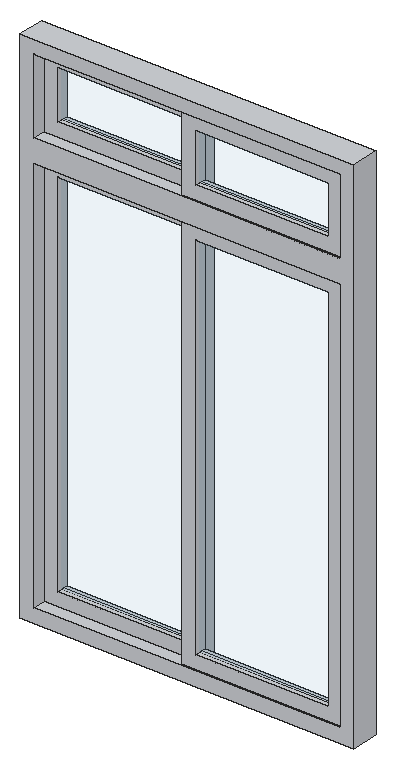
Revit family "DW3_DW3A_DW4_DW4A_落地鋁門窗1", category 窗, Revit 2014
Parameters (values of type "150 x 235 cm 2")
  熱阻 (R) = 0.271106 (m²·K)/W
  Visual Light Transmittance = 0.9
  Solar Heat Gain Coefficient = 0.78
  營造類型 Id = "GSP4R"
  Height = 2350 mm
  傳熱係數 (U) = 3.6886 W/(m²·K)
  預設窗台高度 = 0 mm
  關鍵註記 = "雙開窗-有氣窗"
  Rough Height = Height  # 2350 mm
  Rough Width = Width  # 1500 mm
  裝飾外框寬度 = 60 mm
  玻璃材質 = 玻璃
  牆封閉 = 依主體
  裝飾外框材料 = none
  裝飾外框厚度 = 120 mm
  Width = 1500 mm
  操作 = "垂直雙重面板"
  內部框架材料 = none
  內框寬度 = 60 mm
  內框厚度 = 50 mm
  中樘寬度 = 100 mm
  下窗高度 = 1790 mm
  解析營造 = "1/8 英吋 Pilkington 單層鑲嵌玻璃"
Types (4, lengths in mm): name | Height | 關鍵註記 | Rough Height | Rough Width | Width | 下窗高度
  150 x 235 cm 2 | 2350 | "雙開窗-有氣窗" | 2350 | 1500 | 1500 | 1790
  150 x 250 cm 2 | 2500 | "雙開落地門-有氣窗" | 2500 | 1500 | 1500 | 1940
  120 x 250 cm 2 | 2500 | "雙開窗-有氣窗" | 2500 | 1200 | 1200 | 1940
  120 x 235 cm 2 | 2350 | "雙開窗-有氣窗" | 2350 | 1200 | 1200 | 1790
Reference planes
  plane 1: y = -180
  plane 2 "中心 (左/右)": x = 0
  plane 3 "左": x = -750
  plane 4 "右": x = 750
  plane 5 "窗台": z = 0
  plane 6 "窗頂": z = 2350
  plane 7 "外部": y = -105
  plane 8 "內部": y = -255
  plane 9: x = -30
  plane 10: x = 30
  plane 11: y = -120
  plane 12: y = -240
  plane 13: x = -690
  plane 14: x = 690
  plane 15: z = 2290
  plane 16: z = 60
  plane 17: z = 1850
  plane 18: z = 1950
Forms (mm)
  Extrusion 1, solid, material <- "裝飾外框材料"
    sketch origin (0, -180, 0) x (1, 0, 0) y (0, 0, 1)
      loop
        line (-750, 2350) -> (-750, 0) -> (750, 0) -> (750, 2350) -> (-750, 2350)
      loop
        line (-690, 2290) -> (-690, 1950) -> (690, 1950) -> (690, 2290) -> (-690, 2290)
      loop
        line (-690, 60) -> (690, 60) -> (690, 1850) -> (-690, 1850) -> (-690, 60)
    from 60 to -60
Lines and regions (mm)
  Opening 1
    outline origin (3442.648, -255, 0) x (1, 0, 0) y (0, 0, 1)
      loop
        line (-2692.648, 0) -> (-2692.648, 2350) -> (-4192.648, 2350) -> (-4192.648, 0) -> (-2692.648, 0)
Text (mm)
  text "外部" at (-1963.203, 1332.353, 0), in view "參考樓層"
  text "內部" at (-1981.466, -818.386, 0), in view "參考樓層"
  text "外部" at (0, 923.751, 2943.296), in view "右"
  text "外部" at (0, 1040.484, 2685.409), in view "左"
Dimensions and locks
  equal spacing: plane 3 "左", plane 2 "中心 (左/右)", plane 4 "右"
  "Width": plane 3 "左" to plane 4 "右"
  "Height": plane 5 "窗台" to plane 6 "窗頂"
  "預設窗台高度": plane 5 "窗台" to level
  locked: plane 7 "外部" to host wall at 0
  locked: plane 8 "內部" to host wall
  equal spacing: plane 9, plane 2 "中心 (左/右)", plane 10
  "內框寬度": plane 9 to plane 10
  equal spacing: plane 11, plane 1, plane 12
  "裝飾外框厚度": plane 11 to plane 12
  "裝飾外框寬度": plane 6 "窗頂" to plane 15
  "裝飾外框寬度": plane 16 to plane 5 "窗台"
  "裝飾外框寬度": plane 3 "左" to plane 13
  "裝飾外框寬度": plane 14 to plane 4 "右"
  "中樘寬度": plane 17 to plane 18
  "下窗高度": plane 16 to plane 17
  aligned and locked: plane 1 to nested 1
  aligned and locked: plane 1 to nested 2
  aligned and locked: nested 1 to plane 10
  aligned and locked: nested 2 to plane 9
  aligned and locked: plane 1 to host wall
  aligned and locked: host wall to Extrusion 1 sketch curve
  aligned and locked: Extrusion 1 sketch curve to host wall  (x3)
  aligned and locked: Opening 1 sketch curve to plane 6 "窗頂"
  aligned and locked: Opening 1 sketch curve to plane 4 "右"
  aligned and locked: Opening 1 sketch curve to plane 5 "窗台"
  aligned and locked: Opening 1 sketch curve to plane 3 "左"
  aligned and locked: Extrusion 1 sketch curve to plane 15
  aligned and locked: plane 13 to Extrusion 1 sketch curve
  aligned and locked: Extrusion 1 sketch curve to plane 14
  aligned and locked: plane 16 to Extrusion 1 sketch curve
  aligned and locked: plane 16 to nested 2
  aligned and locked: nested 1 to plane 16
  aligned and locked: nested 1 to plane 13
  aligned and locked: plane 14 to nested 2
  aligned and locked: plane 11 to Extrusion 1
  aligned and locked: Extrusion 1 to plane 12
  aligned and locked: plane 17 to Extrusion 1 sketch curve
  aligned and locked: plane 18 to Extrusion 1 sketch curve
  aligned and locked: nested 1 to plane 17
  aligned and locked: plane 17 to nested 2
  aligned and locked: nested 3 to plane 15
  aligned and locked: plane 15 to nested 4
  aligned and locked: nested 3 to plane 18
  aligned and locked: plane 18 to nested 4
  aligned and locked: nested 3 to plane 13
  aligned and locked: plane 14 to nested 4
  aligned and locked: nested 3 to plane 10
  aligned and locked: plane 9 to nested 4
Automatic sketch dimensions
  Extrusion 1 sketch curve to plane 14 = 0 mm
  Extrusion 1 sketch curve to plane 13 = 0 mm
Nested families
  nested 1: "窗框" at (-597.428, -1099.367, -940), type "窗框"
    with Height 1790 mm, Width 720 mm
  nested 2: "窗框" at (62.572, 739.367, -940), type "窗框"
    with Height 1790 mm, Width 720 mm
  nested 3: "窗框" at (-597.428, -1099.367, 950), type "窗框"
    with Height 340 mm, Width 720 mm
  nested 4: "窗框" at (62.572, 739.367, 950), type "窗框"
    with Height 340 mm, Width 720 mm
Definition of nested family "窗框"
  Parameters (values of type "窗框")
    Height [instance] = 500 mm
    護桿寬度 = 20 mm
    護桿厚度 = 10 mm
    Analytic Construction = "<無>"
    Rough Height = 500 mm
    Rough Width = 600 mm
    Width [instance] = 600 mm
    裝飾外框材料 = none
    玻璃材質 = 玻璃
    玻璃厚度 = 10 mm
    裝飾外框寬度 = 60 mm
    裝飾外框厚度 = 50 mm
    Assembly Code = ""
  Reference planes
    plane 1 "中心 (前/後)": y = -919.367
    plane 2: z = 0
    plane 3 "中心 (左/右)": x = 267.428
    plane 4 "玻璃-上": y = -939.367
    plane 5 "玻璃-下": y = -949.367
    plane 6: y = -969.367
    plane 7: x = -32.572
    plane 8: x = 567.428
    plane 9: x = 27.428
    plane 10: x = 507.428
    plane 11: z = 1440
    plane 12: z = 1500
    plane 13: z = 1060
    plane 14: z = 1000
    plane 15: y = -944.367
  Forms (mm)
    Extrusion 1, solid, material "玻璃" <- "玻璃材質"
      sketch origin (-1499.274, -944.367, 1200) x (-1, 0, 0) y (0, 0, 1)
        loop
          line (-1526.702, 240) -> (-2006.702, 240) -> (-2006.702, -140) -> (-1526.702, -140) -> (-1526.702, 240)
      from -5 to 5
    Extrusion 2, solid, material <- "裝飾外框材料"
      sketch origin (-1499.274, -944.367, 1200) x (-1, 0, 0) y (0, 0, 1)
        loop
          line (-1466.702, 300) -> (-2066.702, 300) -> (-2066.702, -200) -> (-1466.702, -200) -> (-1466.702, 300)
        loop
          line (-1526.702, 240) -> (-2006.702, 240) -> (-2006.702, -140) -> (-1526.702, -140) -> (-1526.702, 240)
      from -25 to 25
  Dimensions and locks
    equal spacing: plane 10, plane 3 "中心 (左/右)", plane 9
    "裝飾外框寬度": plane 8 to plane 10
    "裝飾外框寬度": plane 9 to plane 7
    "裝飾外框寬度": plane 12 to plane 11
    "Width": plane 8 to plane 7
    "裝飾外框寬度": plane 13 to plane 14
    "Height": plane 12 to plane 14
    plane 14 to level = 1000 mm
    equal spacing: plane 4 "玻璃-上", plane 15, plane 5 "玻璃-下"
    "玻璃厚度": plane 4 "玻璃-上" to plane 5 "玻璃-下"
    equal spacing: plane 6, plane 15, plane 1 "中心 (前/後)"
    "裝飾外框厚度": plane 6 to plane 1 "中心 (前/後)"
    aligned and locked: Extrusion 1 sketch curve to plane 11
    aligned and locked: plane 9 to Extrusion 1 sketch curve
    aligned and locked: Extrusion 1 sketch curve to plane 10
    aligned and locked: plane 13 to Extrusion 1 sketch curve
    aligned and locked: plane 7 to Extrusion 2 sketch curve
    aligned and locked: Extrusion 2 sketch curve to plane 12
    aligned and locked: Extrusion 2 sketch curve to plane 8
    aligned and locked: plane 9 to Extrusion 2 sketch curve
    aligned and locked: plane 13 to Extrusion 2 sketch curve
    aligned and locked: Extrusion 2 sketch curve to plane 10
    aligned and locked: Extrusion 2 sketch curve to plane 11
    aligned and locked: Extrusion 2 sketch curve to plane 14
    aligned and locked: plane 2 to level
    aligned and locked: plane 6 to Extrusion 2
    aligned and locked: plane 1 "中心 (前/後)" to Extrusion 2
    aligned and locked: plane 5 "玻璃-下" to Extrusion 1
    aligned and locked: plane 4 "玻璃-上" to Extrusion 1
